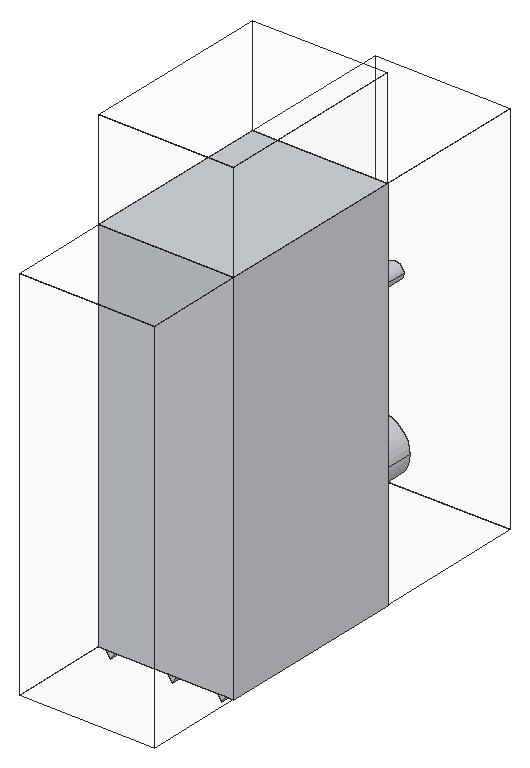
Revit family "Power-Fin Boiler PBN2500-5000_2014", category Mechanical Equipment, Revit 2014
Parameters (values of type "PBN5000")
  Water Conn Radius = 2"
  WATER CONN SIZE = Water Conn Radius * 2  # 4"
  Voltage/Heater = "480V-3PH"
  VENT SIZE = Vent Radius * 2  # 14"
  Total Amps = "3.4"
  Top Clearance Depth = 24"
  SES BIM Studio # = "2016 0649 05"
  Q_Panel Height = 69 1/2"
  GAS CONN SIZE = Gas Conn Radius * 2  # 2 1/2"
  GALLON CAPACITY = "15"
  Front Clearance Depth = 24"
  Drain Radius = 3/8"  # constant formula
  Display Panel width = 12"
  Display Panel Height = (A_HEIGHT - Q_Panel Height - 6") / 2  # 8 7/8"
  Control Voltage = "24"
  C_WIDTH = 32 3/4"
  Vent Radius = 7"
  G_Vent Length = 17 1/2"
  M_Vent Height = 22"
  F_Vent Offset From Left = 17"
  URL = "http://www.lochinvar.com/products/default.aspx?type=productline&lineid=226"
  L_Water Outlet Offset From Left = 11 1/2"
  OUTPUT RATE (BTUH) = "4350000"
  Model = "PBN5000"
  Manufacturer = "Lochinvar"
  MODEL NO. = Model  # "PBN5000"
  B_LENGTH = 46 3/4"
  Keynote = ""
  P_Pipe Length = 13 1/4"
  K_Water Inlet & Outlet Height = 65 1/2"
  N_Water Inlet Offset From Left = 24"
  INPUT RATE (BTUH) = "5000000"
  A_HEIGHT = 93 1/4"
  D_Gas Conn Height = 82 1/4"
  Gas Conn Radius = 1 1/4"
  E_Gas Conn Offset From Left = 10"
  FUEL TYPE = ""
  Description = "Power-Fin Boiler"
  Back Clearance Length = P_Pipe Length + 24"  # 37 1/4"
  Air Inlet Radius = 6"
  J_Air Inlet Offset from Left = 23 1/2"
  H_Air Inlet Offset From Top = 11"
  AIR INLET SIZE = Air Inlet Radius * 2  # 12"
  # of Connections = "1"
Types (6): name | Voltage/Heater | VENT SIZE | Total Amps | Q_Panel Height | GAS CONN SIZE | GALLON CAPACITY | Display Panel width | Display Panel Height | C_WIDTH | Vent Radius | G_Vent Length | M_Vent Height | F_Vent Offset From Left | L_Water Outlet Offset From Left | OUTPUT RATE (BTUH) | Model | MODEL NO. | B_LENGTH | P_Pipe Length | K_Water Inlet & Outlet Height | N_Water Inlet Offset From Left | INPUT RATE (BTUH) | A_HEIGHT | D_Gas Conn Height | Gas Conn Radius | E_Gas Conn Offset From Left | Back Clearance Length | Air Inlet Radius | J_Air Inlet Offset from Left | H_Air Inlet Offset From Top | AIR INLET SIZE
  (no name) | "480V-3PH" | 14" | "3.4" | 69 1/2" | 2 1/2" | "15" | 12" | 8 7/8" | 32 3/4" | 7" | 17 1/2" | 22" | 17" | 11 1/2" | "4350000" | "PBN5000" | "PBN5000" | 46 3/4" | 13 1/4" | 65 1/2" | 24" | "5000000" | 93 1/4" | 82 1/4" | 1 1/4" | 10" | 37 1/4" | 6" | 23 1/2" | 11" | 12"
  PBN2500 | "240V-1PH" | 9" | "4.9" | 40" | 2" | "10.4" | 10 3/4" | 6 1/2" | 29 3/4" | 4 1/2" | 16" | 23" | 15" | 8 3/4" | "2175000" | "PBN2500" | "PBN2500" | 44 1/2" | 12" | 37" | 21 1/4" | "2500000" | 59" | 49 3/4" | 1" | 4" | 36" | 4 1/2" | 20 1/4" | 9" | 9"
  PBN3000 | "240V-1PH" | 10" | "4.9" | 45" | 2" | "11.3" | 10 3/4" | 7" | 29 3/4" | 5" | 16 1/4" | 23" | 15" | 8 3/4" | "2610000" | "PBN3000" | "PBN3000" | 44 1/2" | 12" | 43" | 21 1/4" | "3000000" | 65" | 55 3/4" | 1" | 4" | 36" | 4 1/2" | 20 1/4" | 9" | 9"
  PBN3500 | "240V-3PH" | 10" | "6.0" | 52" | 2" | "12.2" | 10 1/2" | 6 1/8" | 29 3/4" | 5" | 16 1/4" | 23" | 15" | 9" | "3045000" | "PBN3500" | "PBN3500" | 47 1/4" | 12" | 48 1/2" | 21 1/2" | "3500000" | 70 1/4" | 62 1/2" | 1" | 8 1/4" | 36" | 5" | 20 1/4" | 9" | 10"
  PBN4000 | "208V-3PH" | 12" | "6.0" | 58 1/2" | 2 1/2" | "13.2" | 10 1/2" | 7 5/8" | 29 3/4" | 6" | 16 1/4" | 22 1/4" | 15" | 8 3/4" | "3840000" | "PBN4000" | "PBN4000" | 47 1/4" | 12" | 54" | 21 1/4" | "4000000" | 79 3/4" | 68 3/4" | 1 1/4" | 8 1/4" | 36" | 5" | 20" | 10 1/2" | 10"
  PBN5000 | "480V-3PH" | 14" | "3.4" | 69 1/2" | 2 1/2" | "15" | 12" | 8 7/8" | 32 3/4" | 7" | 17 1/2" | 22" | 17" | 11 1/2" | "4350000" | "PBN5000" | "PBN5000" | 46 3/4" | 13 1/4" | 65 1/2" | 24" | "5000000" | 93 1/4" | 82 1/4" | 1 1/4" | 10" | 37 1/4" | 6" | 23 1/2" | 11" | 12"
Reference planes (in)
  plane 1 "Back": y = -11.25
  plane 2: z = 0
  plane 3 "Left": x = 0
  plane 4 "Right": x = 32.75
  plane 5 "Front": y = -58
  plane 6: y = 2
  plane 7 "Vent Length": y = 6.25
  plane 8 "Cabinet Bottom": z = 1.5
Forms (in)
  Extrusion 1, solid
    sketch origin (2, -32, 0) x (1, 0, 0) y (0, 1, 0)
      loop
        line (-2, -26) -> (30.75, -26) -> (30.75, 20.75) -> (-2, 20.75) -> (-2, -26)
    from 1.5 to 93.25 <- "A_HEIGHT"
  Extrusion 2, solid
    sketch origin (0, -11.25, 0) x (1, 0, 0) y (0, 0, 1)
      loop
        circle (17, 23.5) r 7
    from 0 to -17.5
  Extrusion 3, solid
    sketch origin (0, -11.25, 0) x (1, 0, 0) y (0, 0, 1)
      loop
        circle (11.5, 65.5) r 2
    from 0 to -13.25
  Extrusion 4, solid
    sketch origin (7, -11.25, 0) x (1, 0, 0) y (0, 0, 1)
      loop
        circle (17, 65.5) r 2
    from 0 to -13.25
  Extrusion 5, solid
    sketch origin (7, -11.25, 9) x (1, 0, 0) y (0, 0, 1)
      loop
        circle (3, 73.25) r 1.25
    from 0 to -13.25
  Extrusion 6, solid
    sketch origin (0, -11.25, 0) x (1, 0, 0) y (0, 0, 1)
      loop
        circle (23.5, 82.25) r 6
    from 0 to -3
  Extrusion 7, solid, material "Clearance"
    sketch origin (32.75, -58, 0) x (-1, 0, 0) y (0, 0, -1)
      loop
        line (32.75, -93.25) -> (32.75, -1.5) -> (0, -1.5) -> (0, -93.25) -> (32.75, -93.25)
    from 0 to 24
  Extrusion 8, solid, material "Clearance"
    sketch origin (2, -32, 93.25) x (1, 0, 0) y (0, 1, 0)
      loop
        line (-2, 20.75) -> (-2, -26) -> (30.75, -26) -> (30.75, 20.75) -> (-2, 20.75)
    from 0 to 24
  Extrusion 9, solid, material "Clearance"
    sketch origin (0, -11.25, 0) x (1, 0, 0) y (0, 0, -1)
      loop
        line (32.75, -93.25) -> (32.75, -1.5) -> (0, -1.5) -> (0, -93.25) -> (32.75, -93.25)
    from 0 to 37.25 <- "Back Clearance Length"
  Extrusion 10, solid
    sketch origin (5.875, -11.25, -24.375) x (1, 0, 0) y (0, 0, 1)
      loop
        circle (19, 27.5) r 0.375
    from 0 to -3
  Extrusion 11, solid
    sketch origin (3.875, -11.25, -24.375) x (1, 0, 0) y (0, 0, 1)
      loop
        circle (19, 27.5) r 0.375
    from 0 to -3
  Extrusion 12, solid
    sketch origin (0, -58, 0) x (-1, 0, 0) y (0, 0, 1)
      loop
        line (-2.875, 0) -> (-1.75, 1.5) -> (-4, 1.5) -> (-2.875, 0)
      loop
        line (-17.875, 0) -> (-16.75, 1.5) -> (-19, 1.5) -> (-17.875, 0)
      loop
        line (-29.875, 0) -> (-28.75, 1.5) -> (-31, 1.5) -> (-29.875, 0)
    from 0 to 46.75 <- "B_LENGTH"
Lines and regions (in)
  model lines, style "MechanicalEquipment"
    curve 1: line (0, -58, 69.5) -> (32.75, -58, 69.5)
  model lines
    curve 2: line (12, -58, 84.375) -> (20.75, -58, 84.375)
    curve 3: line (20.75, -58, 84.375) -> (20.75, -58, 78.375)
    curve 4: line (20.75, -58, 78.375) -> (12, -58, 78.375)
    curve 5: line (12, -58, 78.375) -> (12, -58, 84.375)
Dimensions and locks (in)
  "F_Vent Offset From Left": Extrusion 1 to Extrusion 2 sketch curve
  "M_Vent Height": Extrusion 1 to Extrusion 2 sketch curve
  "L_Water Outlet Offset From Left": Extrusion 1 to Extrusion 3 sketch curve
  "K_Water Inlet & Outlet Height": level to Extrusion 3 sketch curve
  "K_Water Inlet & Outlet Height": level to Extrusion 4 sketch curve
  "N_Water Inlet Offset From Left": Extrusion 1 to Extrusion 4 sketch curve
  "E_Gas Conn Offset From Left": Extrusion 1 to Extrusion 5 sketch curve
  "D_Gas Conn Height": level to Extrusion 5 sketch curve
  "J_Air Inlet Offset from Left": Extrusion 1 to Extrusion 6 sketch curve
  "H_Air Inlet Offset From Top": Extrusion 6 sketch curve to Extrusion 1
  "C_WIDTH": plane 3 "Left" to plane 4 "Right"
  "B_LENGTH": plane 5 "Front" to plane 1 "Back"
  "P_Pipe Length": plane 1 "Back" to plane 6
  "G_Vent Length": plane 1 "Back" to plane 7 "Vent Length"
  plane 8 "Cabinet Bottom" to level = 1 1/2"
  "Q_Panel Height": curve 1 to level
  "Display Panel Height": Extrusion 7 to curve 2
  "Display Panel Height": curve 4 to curve 1
  curve 2 to curve 4 = 6"
  "Display Panel width": curve 3 to Extrusion 7
  "Display Panel width": curve 5 to Extrusion 7
  "Vent Radius": radius of Extrusion 2 sketch curve
  "Water Conn Radius": radius of Extrusion 3 sketch curve
  "Water Conn Radius": radius of Extrusion 4 sketch curve
  "Gas Conn Radius": radius of Extrusion 5 sketch curve
  "Air Inlet Radius": radius of Extrusion 6 sketch curve
  "Drain Radius": radius of Extrusion 10 sketch curve
  "Drain Radius": radius of Extrusion 11 sketch curve
  aligned and locked: Extrusion 1 to plane 3 "Left"
  aligned and locked: Extrusion 1 to plane 1 "Back"
  aligned and locked: Extrusion 1 to plane 4 "Right"
  aligned and locked: Extrusion 1 to plane 5 "Front"
  aligned and locked: Extrusion 5 to plane 6
  aligned and locked: Extrusion 4 to Extrusion 5
  aligned and locked: Extrusion 3 to plane 6
  aligned and locked: Extrusion 2 to plane 7 "Vent Length"
  aligned and locked: Extrusion 7 sketch curve to Extrusion 1  (x4)
  aligned and locked: Extrusion 8 sketch curve to Extrusion 1  (x2)
  aligned and locked: plane 5 "Front" to Extrusion 8 sketch curve
  aligned and locked: Extrusion 8 sketch curve to Extrusion 7
  aligned and locked: Extrusion 9 sketch curve to Extrusion 1  (x4)
  aligned and locked: Extrusion 1 to plane 8 "Cabinet Bottom"
Automatic sketch dimensions
  plane 3 "Left" to Extrusion 1 sketch curve = 0"
  plane 1 "Back" to Extrusion 1 sketch curve = 46 3/4"
  plane 3 "Left" to Extrusion 1 sketch curve = 32 3/4"
  Extrusion 1 sketch curve to Extrusion 1 sketch curve = 46 3/4"
  Extrusion 12 sketch curve to plane 8 "Cabinet Bottom" = 0"  (x3)
  Extrusion 12 sketch curve to level = 0"  (x3)
  plane 4 "Right" to Extrusion 12 sketch curve = 1 3/4"
  Extrusion 12 sketch curve to Extrusion 12 sketch curve = 1 1/8"  (x5)
  Extrusion 12 sketch curve to Extrusion 12 sketch curve = 9 3/4"
  plane 3 "Left" to Extrusion 12 sketch curve = 4"
  plane 3 "Left" to Extrusion 12 sketch curve = 1 3/4"
  plane 8 "Cabinet Bottom" to Extrusion 10 sketch curve = 1 5/8"
  plane 4 "Right" to Extrusion 10 sketch curve = 7 7/8"
  plane 8 "Cabinet Bottom" to Extrusion 11 sketch curve = 1 5/8"
  plane 4 "Right" to Extrusion 11 sketch curve = 9 7/8"
  plane 4 "Right" to curve 1 = 0"
  curve 1 to plane 3 "Left" = 0"
Connectors (in)
  piping at (10, 2, 82.25), diameter 2.5, driven by "Gas Conn Radius"
    settings: on Extrusion 5, index 2, connector inside diameter 1 1/2", connector length 0", flow factor 0, pipe flow 0 GPM, pressure drop 0.00 psi, fitting loss kfactor 0, connector angle 0.00°, fixture units 0, engagement length 0", angle of deflection 0.00°, flow configuration 1, flow direction 1, fitting loss method 0, system type 22, joint type 0, gender type 0, connector reference index -1, connector utility 0, adjustable connector no, is connector primary yes, connector description "Gas Connection"
  piping at (24, 2, 65.5), diameter 4, driven by "Water Conn Radius"
    settings: on Extrusion 4, index 4, connector inside diameter 2 1/2", connector length 0", flow factor 0, pipe flow 0 GPM, pressure drop 0.00 psi, fitting loss kfactor 0, connector angle 0.00°, fixture units 0, engagement length 0", angle of deflection 0.00°, flow configuration 0, flow direction 1, fitting loss method 0, system type 7, joint type 0, gender type 0, connector reference index -1, connector utility 0, adjustable connector no, is connector primary no, connector description "Cold Water Inlet"
  piping at (11.5, 2, 65.5), diameter 4, driven by "Water Conn Radius"
    settings: on Extrusion 3, index 5, connector inside diameter 2 1/2", connector length 0", flow factor 0, pipe flow 0 GPM, pressure drop 0.00 psi, fitting loss kfactor 0, connector angle 0.00°, fixture units 0, engagement length 0", angle of deflection 0.00°, flow configuration 0, flow direction 2, fitting loss method 0, system type 7, joint type 0, gender type 0, connector reference index -1, connector utility 0, adjustable connector no, is connector primary no, connector description "Hot Water Outlet"
  hvac at (17, 6.25, 23.5), driven by "Vent Radius"
    settings: on Extrusion 2, index 6, duct flow 0 CFM, flow factor 0, pres drop 0.00 in-wg, loss coef 0, conn angle 0.00°, conn width 12", conn height 12", conn diameter 14", duct sys type 3, conn prof type 0, flow config 0, flow direction 2, loss method 0, conn ref index -1, conn util no, is conn primary yes, conn desc "Exhaust Vent"
  hvac at (23.5, -8.25, 82.25), driven by "Air Inlet Radius"
    settings: on Extrusion 6, index 7, duct flow 0 CFM, flow factor 0, pres drop 0.00 in-wg, loss coef 0, conn angle 0.00°, conn width 12", conn height 12", conn diameter 12", duct sys type 1, conn prof type 0, flow config 0, flow direction 1, loss method 0, conn ref index -1, conn util no, is conn primary no, conn desc "Air Inlet Conn"
  piping at (24.875, -8.25, 3.125), diameter 0.75, driven by "Drain Radius"
    settings: on Extrusion 10, index 8, connector inside diameter 3/4", connector length 0", flow factor 0, pipe flow 0 GPM, pressure drop 0.00 psi, fitting loss kfactor 0, connector angle 0.00°, fixture units 0, engagement length 0", angle of deflection 0.00°, flow configuration 0, flow direction 2, fitting loss method 0, system type 22, joint type 0, gender type 0, connector reference index -1, connector utility 0, adjustable connector no, is connector primary no, connector description "Drain 1"
  piping at (22.875, -8.25, 3.125), diameter 0.75, driven by "Drain Radius"
    settings: on Extrusion 11, index 9, connector inside diameter 3/4", connector length 0", flow factor 0, pipe flow 0 GPM, pressure drop 0.00 psi, fitting loss kfactor 0, connector angle 0.00°, fixture units 0, engagement length 0", angle of deflection 0.00°, flow configuration 0, flow direction 2, fitting loss method 0, system type 22, joint type 0, gender type 0, connector reference index -1, connector utility 0, adjustable connector no, is connector primary no, connector description "Drain 2"
